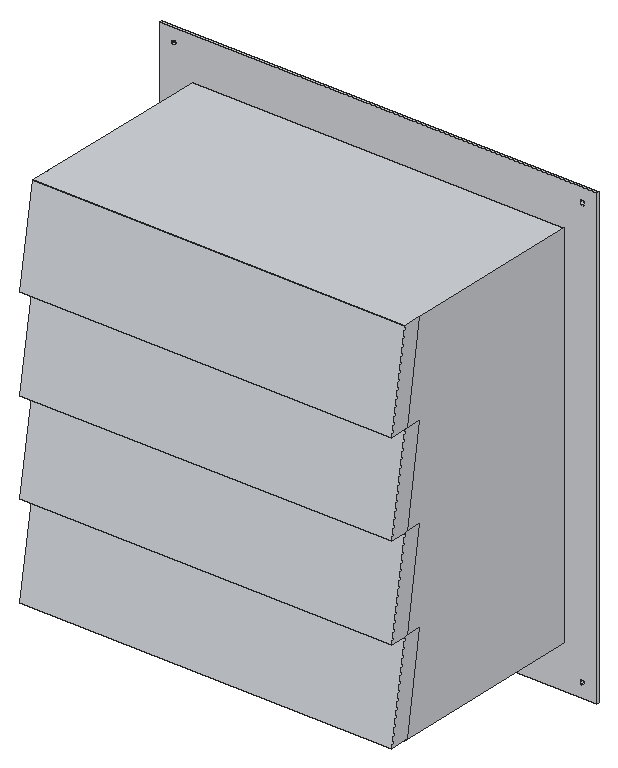
Revit family "НЕВАТОМ_Клапан KD-120-AxB-F1-VN-MN-24(220)-ML-04", category Арматура воздуховодов, Revit 2017
Family settings
  Размер круглого соединителя = Использовать диаметр
  Тип детали = Вставляется
  На основе рабочей плоскости = Нет
  Всегда вертикально = Да
  При загрузке вырезать с полостями = Нет
  Общий = Нет
Parameters (values of type "НЕВАТОМ_Клапан KD-120-AxB-F1-VN-MN-24(220)-ML-04")
  Одна ламель ( В/4) [instance] = B / 4  # 100 mm
  НЕВАТОМ_URL [instance] = "https://t.me/NEVATOM_Bim_bot"
  Выбор напряжения [instance] = if(U24, 1 mm, 0 mm)  # 0 mm
  Привод MN [instance] = no
  Клапан = "НЕВАТОМ_Клапан KD-120-AxB-F1-VN-MN-24(220)-ML-04"  # constant formula
  t фланца = 2.5 mm
  t корпуса = 220 mm - 2.5 mm  # 217.5 mm
  h прохода = 220 mm - 5 mm  # 215 mm
  U24 [instance] = no
  U220 [instance] = and(not(U24))  # yes
  B-3 [instance] = B - 3 mm  # 397 mm
  B+93 [instance] = B + 93 mm  # 493 mm
  B+63 [instance] = B + 63 mm  # 463 mm
  B [instance] = 400 mm
  ADSK_Этаж = ""
  ADSK_Ток = 3 A  # constant formula
  ADSK_Расход воздуха [instance] = 0.0 m³/h
  ADSK_Размер_Ширина [instance] = A  # 400 mm
  ADSK_Размер_Высота [instance] = B  # 400 mm
  ADSK_Примечание = ""
  ADSK_Предел огнестойкости = "120"  # constant formula
  ADSK_Потеря давления воздуха = 0.0 Pa
  ADSK_Полная мощность = 4.2 VA  # constant formula
  ADSK_Обозначение = ""
  ADSK_Номинальная мощность [instance] = ADSK_Полная мощность * ADSK_Коэффициент мощности  # 4.2 W
  ADSK_Напряжение [instance] = if(U24, 24 V, 220 V)  # 220 V
  ADSK_Наименование [instance] = "Клапан дымоудаления стеновой"  # constant formula
  ADSK_Масса [instance] = size_lookup(Клапан, "N", 0, A, B, Выбор напряжения)  # 9.8
  ADSK_Марка [instance] = size_lookup(Клапан, "", "нестандартартный размер", A, B, Выбор напряжения)  # "KD-120-400x400-F1-VN-MN-220-ML"
  ADSK_Коэффициент мощности = 1  # constant formula
  ADSK_Количество = 1  # constant formula
  ADSK_Код изделия = ""
  ADSK_Зона = ""
  ADSK_Завод-изготовитель = "НЕВАТОМ"  # constant formula
  ADSK_Единица измерения = "шт."  # constant formula
  A-30 [instance] = A - 30 mm  # 370 mm
  A+70 [instance] = A + 70 mm  # 470 mm
  A+40 [instance] = A + 40 mm  # 440 mm
  A [instance] = 400 mm
Reference planes
  plane 1 "По центру (Вперед/Назад)": y = 0
  plane 2: z = 0
  plane 3 "По центру (Влево/Вправо)": x = 0
  plane 4: x = -235
  plane 5: z = 246.5
  plane 6: z = -246.5
  plane 7: x = 235
  plane 8: x = 200
  plane 9: x = -200
  plane 10: z = 200
  plane 11: z = -200
  plane 12: y = -217.5
  plane 13: z = 200
  plane 14: z = -200
  plane 15: x = -200
  plane 16: x = 200
Forms (mm)
  Extrusion 1, solid, detail levels medium+fine
    sketch origin (0, 0, 0) x (1, 0, 0) y (0, 0, 1)
      loop
        line (235, 246.5) -> (-235, 246.5) -> (-235, -246.5) -> (235, -246.5) -> (235, 246.5)
    from 0 to 2.5 <- "t фланца"
  Extrusion 2, void
    sketch origin (0, 0, 0) x (1, 0, 0) y (0, 0, 1)
      loop
        circle (220, 231.5) r 2.469
      loop
        circle (-220, 231.5) r 2.548
      loop
        circle (220, -231.5) r 2.486
      loop
        circle (-220, -231.5) r 2.512
    from 0 to 250
  Extrusion 3, solid, detail levels medium+fine
    sketch origin (0, 0, 0) x (1, 0, 0) y (0, 0, 1)
      loop
        line (200, 200) -> (-200, 200) -> (-200, -200) -> (200, -200) -> (200, 200)
    from 2.5 to 217.5 <- "t корпуса"
  Extrusion 4, void
    sketch origin (0, 0, 0) x (1, 0, 0) y (0, 0, 1)
      loop
        line (185, 198.5) -> (-185, 198.5) -> (-185, -198.5) -> (185, -198.5) -> (185, 198.5)
    from 0 to 215 <- "h прохода"
Cuts and joins
  Extrusion 2, Extrusion 4 cuts Extrusion 1
  Extrusion 4 cuts Extrusion 3
Lines and regions (mm)
  reference lines
    curve 1: line (235, 0, 246.5) -> (-235, 0, 246.5)
    curve 2: line (235, 0, -246.5) -> (235, 0, 246.5)
    curve 3: line (-235, 0, -246.5) -> (235, 0, -246.5)
    curve 4: line (-235, 0, 246.5) -> (-235, 0, -246.5)
    curve 5: line (185, 0, 198.5) -> (-185, 0, 198.5)
    curve 6: line (185, 0, -198.5) -> (185, 0, 198.5)
    curve 7: line (-185, 0, -198.5) -> (185, 0, -198.5)
    curve 8: line (-185, 0, 198.5) -> (-185, 0, -198.5)
Dimensions and locks
  equal spacing: plane 4, plane 3 "По центру (Влево/Вправо)", plane 7
  "A+70": plane 4 to plane 7
  equal spacing: plane 6, level, plane 5
  "B+93": plane 6 to plane 5
  equal spacing: Extrusion 2 sketch curve, plane 3 "По центру (Влево/Вправо)", Extrusion 2 sketch curve  (x2)
  "A+40": Extrusion 2 sketch curve to Extrusion 2 sketch curve  (x2)
  equal spacing: Extrusion 2 sketch curve, level, Extrusion 2 sketch curve  (x2)
  "B+63": Extrusion 2 sketch curve to Extrusion 2 sketch curve  (x2)
  equal spacing: curve 8, plane 3 "По центру (Влево/Вправо)", curve 6
  "A-30": curve 8 to curve 6
  equal spacing: curve 7, level, curve 5
  "B-3": curve 7 to curve 5
  equal spacing: plane 9, plane 3 "По центру (Влево/Вправо)", plane 8
  "A": plane 9 to plane 8
  equal spacing: plane 11, level, plane 10
  "B": plane 11 to plane 10
  "B": plane 13 to plane 14
  equal spacing: plane 13, level, plane 14
  "A": plane 16 to plane 15
  equal spacing: plane 16, plane 3 "По центру (Влево/Вправо)", plane 15
  equal spacing: group 1, group 3, group 4, group 2  (x3)
  aligned and locked: level to plane 2
  aligned and locked: plane 7 to curve 2
  aligned and locked: plane 5 to curve 1
  aligned and locked: plane 4 to curve 4
  aligned and locked: plane 6 to curve 3
  aligned and locked: Extrusion 1 sketch curve to curve 1
  aligned and locked: Extrusion 1 sketch curve to curve 2
  aligned and locked: Extrusion 1 sketch curve to curve 3
  aligned and locked: Extrusion 1 sketch curve to curve 4
  aligned and locked: plane 10 to Extrusion 3 sketch curve
  aligned and locked: plane 9 to Extrusion 3 sketch curve
  aligned and locked: plane 8 to Extrusion 3 sketch curve
  aligned and locked: plane 11 to Extrusion 3 sketch curve
  aligned and locked: Extrusion 3 to cut or joined group of Extrusion 1, Extrusion 2, Extrusion 4
  aligned and locked: plane 12 to cut or joined group of Extrusion 3, Extrusion 4
  aligned and locked: cut or joined group of Extrusion 1, Extrusion 2, Extrusion 4 to nested 1
  aligned and locked: cut or joined group of Extrusion 3, Extrusion 4 to nested 2  (x2)
  aligned and locked: cut or joined group of Extrusion 3, Extrusion 4 to plane 14
  aligned and locked: nested 4 to plane 14
  aligned and locked: plane 15 to nested 6
  aligned and locked: plane 16 to nested 6
  aligned and locked: plane 13 to nested 5
Automatic sketch dimensions
  Extrusion 4 sketch curve to plane 4 = 50 mm
  plane 7 to Extrusion 4 sketch curve = 50 mm
  plane 6 to Extrusion 4 sketch curve = 48 mm
  Extrusion 4 sketch curve to plane 5 = 48 mm
  radius of Extrusion 2 sketch curve = 2.469 mm
  radius of Extrusion 2 sketch curve = 2.548 mm
  radius of Extrusion 2 sketch curve = 2.486 mm
  radius of Extrusion 2 sketch curve = 2.512 mm
Nested families
  nested 1: "НЕВАТОМ_Привод Tasa_Sasa" at (0, -117.685, 170.622) x (0, 1, 0) z (0, 0, 1), visible <- "Привод MN", type "Привод TASA/SASA", detail levels medium+fine
  nested 2: "НЕВАТОМ_Привод EM" at (-153.842, -67.5, -200), type "НЕВАТОМ_Привод EM", not visible
  nested 3: "НЕВАТОМ_УГО_Клапан KD" at (0, -108.75, 0), Ширина клапана <- "ADSK_Размер_Ширина", Толщина клапана <- "t корпуса", type "НЕВАТОМ_УГО_Клапан KD"
    with Ширина клапана 400 mm, Толщина клапана 217.5 mm
  nested 4: "ламель под углом KD" at (0, -227.522, -200.436), B <- "A", A/4 <- "Одна ламель ( В/4)", type "ламель под углом KD", detail levels medium+fine
    with B 400 mm, A/4 100 mm
  nested 5: "ламель под углом KD" at (0, -227.522, 99.564), B <- "A", A/4 <- "Одна ламель ( В/4)", type "ламель под углом KD", detail levels medium+fine
    with B 400 mm, A/4 100 mm
  nested 6: "ламель под углом KD" at (0, -227.522, -100.436), B <- "A", A/4 <- "Одна ламель ( В/4)", type "ламель под углом KD", detail levels medium+fine
    with B 400 mm, A/4 100 mm
  nested 7: "ламель под углом KD" at (0, -227.522, -0.436), B <- "A", A/4 <- "Одна ламель ( В/4)", type "ламель под углом KD", detail levels medium+fine
    with B 400 mm, A/4 100 mm
Connectors
  hvac at (0, -2.5, 0), driven by "B", driven by "A", driven by "ADSK_Расход воздуха"
    settings: on cut or joined group of Extrusion 1, Extrusion 2, Extrusion 4, index 1, duct flow 0.0 m³/h, flow factor 0, pres drop 0.0 Pa, loss coef 0, conn angle 0.00°, conn width 400 mm, conn height 400 mm, conn diameter 609.6 mm, duct sys type 29, conn prof type 1, flow config 0, flow direction 1, loss method 0, conn ref index 2, conn util no, is conn primary yes, conn desc ""
  hvac at (0, -217.5, 0), driven by "B", driven by "A", driven by "ADSK_Расход воздуха"
    settings: on cut or joined group of Extrusion 3, Extrusion 4, index 2, duct flow 0.0 m³/h, flow factor 0, pres drop 0.0 Pa, loss coef 0, conn angle 0.00°, conn width 400 mm, conn height 400 mm, conn diameter 609.6 mm, duct sys type 29, conn prof type 1, flow config 0, flow direction 2, loss method 4, conn ref index 1, conn util no, is conn primary no, conn desc ""
  electrical at (0, -110, 200), driven by "ADSK_Напряжение", driven by "ADSK_Полная мощность"
    settings: on cut or joined group of Extrusion 3, Extrusion 4, index 3, voltage 220 V, apparent load 0 VA, apparent load phase1 4.2 VA, apparent load phase2 0 VA, apparent load phase3 0 VA, power factor 1, load classification "Прочее", number of poles 1, system type 31, power factor state 1, is connector primary yes, connector utility no, sub classification motor no, connector description ""
Definition of nested family "НЕВАТОМ_Привод EM"
  Parameters (values of type "НЕВАТОМ_Привод EM")
    d = 57 mm
    b = 72 mm
    a = 62 mm
  Reference planes
    plane 1 "По центру (Вперед/Назад)": y = 0
    plane 2: z = 0
    plane 3 "По центру (Влево/Вправо)": x = 0
  Forms (mm)
    Extrusion 1, solid
      sketch origin (0, 0, 0) x (1, 0, 0) y (0, 1, 0)
        loop
          line (-31, 36) -> (-31, -36) -> (31, -36) -> (31, 36) -> (-31, 36)
      from 26.971 to 47
    Extrusion 2, solid
      sketch origin (43.842, 0, -10.015) x (0, -1, 0) y (0, 0, 1)
        loop
          circle (0, 82.565) r 28.5
      from 0 to 90
    Extrusion 3, solid
      sketch origin (0, 0, 0) x (1, 0, 0) y (0, 0, 1)
        loop
          line (31, 26.971) -> (28.513, 26.971) -> (28.513, 0) -> (31, 0) -> (31, 26.971)
        loop
          line (-28.513, 26.971) -> (-31, 26.971) -> (-31, 0) -> (-28.513, 0) -> (-28.513, 26.971)
      from -36 to 36
  Dimensions and locks
    equal spacing: Extrusion 1 sketch curve, plane 3 "По центру (Влево/Вправо)", Extrusion 1 sketch curve
    equal spacing: Extrusion 1 sketch curve, plane 1 "По центру (Вперед/Назад)", Extrusion 1 sketch curve
    "a": Extrusion 1 sketch curve to Extrusion 1 sketch curve
    "b": Extrusion 1 sketch curve to Extrusion 1 sketch curve
    Extrusion 1 to Extrusion 1 = 20.029 mm
    "d": diameter of Extrusion 2 sketch curve
    aligned and locked: level to plane 2
    aligned and locked: Extrusion 3 to Extrusion 1
    aligned and locked: Extrusion 1 to Extrusion 3
  Automatic sketch dimensions
    Extrusion 3 sketch curve to level = 0 mm  (x2)
    Extrusion 3 sketch curve to plane 3 "По центру (Влево/Вправо)" = 31 mm
    Extrusion 3 sketch curve to Extrusion 3 sketch curve = 2.487 mm  (x2)
    plane 3 "По центру (Влево/Вправо)" to Extrusion 3 sketch curve = 28.513 mm
    level to Extrusion 3 sketch curve = 26.971 mm  (x2)
    Extrusion 2 sketch curve to plane 1 "По центру (Вперед/Назад)" = 0 mm
    level to Extrusion 2 sketch curve = 72.55 mm
Definition of nested family "ламель под углом KD"
  Parameters (values of type "ламель под углом KD")
    B [instance] = 1500 mm
    A/4 [instance] = 1500 mm
  Reference planes
    plane 1 "По центру (Вперед/Назад)": y = 0
    plane 2: z = 0
    plane 3 "По центру (Влево/Вправо)": x = 0
    plane 4: z = 1500
    plane 5: x = -750
    plane 6: x = 750
  Forms (mm)
    Extrusion 1, solid
      sketch origin (0, -14.979, 0.436) x (0, -1, 0) y (0, 0, -1)
        loop
          line (-7.499, 0) -> (-27.501, 0) -> (-44.961, -1500) -> (-24.96, -1500) -> (-7.499, 0)
      from -750 to 750
  Lines and regions (mm)
    reference lines
      curve 1: line (0, 0, 0) -> (0, -17.46, 1500)
      curve 2: line (0, 0, 0) -> (0, 17.46, 1500)
  Dimensions and locks
    "A/4": plane 4 to level
    equal spacing: plane 6, plane 3 "По центру (Влево/Вправо)", plane 5
    "B": plane 6 to plane 5
    locked: Extrusion 1 to Extrusion 1 at 20
    aligned and locked: level to plane 2
    aligned and locked: plane 4 to curve 1
    aligned and locked: plane 1 "По центру (Вперед/Назад)" to curve 1
    aligned and locked: Extrusion 1 to plane 5
    aligned and locked: plane 6 to Extrusion 1
  Automatic sketch dimensions
    curve 2 to plane 4 = 0 mm
    curve 2 to level = 0 mm
    plane 1 "По центру (Вперед/Назад)" to curve 1 = 17.46 mm
    curve 2 to plane 1 "По центру (Вперед/Назад)" = 17.46 mm
    Extrusion 1 sketch curve to plane 4 = 0.436 mm
    Extrusion 1 sketch curve to level = 0.436 mm
    plane 1 "По центру (Вперед/Назад)" to Extrusion 1 sketch curve = 12.522 mm
    Extrusion 1 sketch curve to Extrusion 1 sketch curve = 20.001 mm
    plane 1 "По центру (Вперед/Назад)" to Extrusion 1 sketch curve = 29.982 mm
    Extrusion 1 sketch curve to plane 1 "По центру (Вперед/Назад)" = 7.48 mm
Definition of nested family "НЕВАТОМ_Привод Tasa_Sasa"
  Parameters (values of type "Привод TASA/SASA")
    ADSK_Этаж = ""
    ADSK_Предел огнестойкости = ""
    ADSK_Позиция = ""
    ADSK_Обозначение = ""
    ADSK_Наименование = "Привод TASA/SASA"  # constant formula
    ADSK_Марка = ""
    ADSK_Количество = 0
    ADSK_Код изделия = ""
    ADSK_Зона = ""
    ADSK_Единица измерения = ""
  Reference planes
    plane 1 "По центру (Вперед/Назад)": y = 0
    plane 2: z = 0
    plane 3 "По центру (Влево/Вправо)": x = 0
  Dimensions and locks
    aligned and locked: level to plane 2
Definition of nested family "НЕВАТОМ_УГО_Клапан KD"
  Parameters (values of type "НЕВАТОМ_УГО_Клапан KD")
    Ширина косой линии УГО = 150 mm
    Ширина клапана [instance] = 200 mm
    Толщина клапана [instance] = 120 mm
  Reference planes
    plane 1 "По центру (Вперед/Назад)": y = 0
    plane 2: z = 0
    plane 3 "По центру (Влево/Вправо)": x = 0
    plane 4: x = -100
    plane 5: x = 100
    plane 6: y = 60
    plane 7: y = -60
  Lines and regions (mm)
    symbolic lines, not visible
      curve 1: line (-77.5, 60, 0) -> (-77.5, -60, 0)
      curve 2: line (-22.5, 60, 0) -> (-22.5, -60, 0)
      curve 6: line (-50, 60, 0) -> (-50, -60, 0)
    model lines, not visible, detail levels coarse
      curve 3: line (-77.5, -60, 0) -> (-61.458, -24.999, 0)
      curve 4: circle (-50, 0, 0) r 27.5 normal (0, 0, 1)
      curve 5: line (-38.542, 24.999, 0) -> (-22.5, 60, 0)
    model lines, detail levels coarse+medium
      curve 7: line (-100, 60, 0) -> (100, 60, 0)
      curve 8: line (-100, -60, 0) -> (-100, 60, 0)
      curve 9: line (100, -60, 0) -> (-100, -60, 0)
      curve 10: line (100, 60, 0) -> (100, -60, 0)
  Dimensions and locks
    equal spacing: plane 7, plane 1 "По центру (Вперед/Назад)", plane 6
    "Толщина клапана": plane 7 to plane 6
    equal spacing: plane 4, plane 3 "По центру (Влево/Вправо)", plane 5
    "Ширина клапана": plane 4 to plane 5
    aligned and locked: level to plane 2
    aligned and locked: curve 7 to plane 6
    aligned and locked: plane 4 to curve 8
    aligned and locked: curve 9 to plane 7
    aligned and locked: curve 10 to plane 5
    aligned and locked: plane 1 "По центру (Вперед/Назад)" to nested 2
    aligned and locked: plane 3 "По центру (Влево/Вправо)" to nested 2
  Automatic sketch dimensions
    curve 3 to curve 4 = 27.5 mm
    curve 1 to curve 5 = 55 mm
    curve 3 to curve 4 = 60 mm
    curve 4 to curve 5 = 60 mm
    curve 3 to curve 4 = 11.458 mm
    curve 6 to curve 2 = 27.5 mm
    curve 4 to curve 5 = 11.458 mm
    curve 3 to curve 2 = 0 mm
    curve 6 to curve 2 = 0 mm  (x2)
    curve 3 to curve 4 = 24.999 mm
    curve 1 to curve 6 = 0 mm
  Nested families
    nested 1: "РОВЕН_ЛинияДляЗаливкиУГО" at (-50, -0.543, 0), type "РОВЕН_ЛинияДляЗаливкиУГО", not visible
      with l 156.205 mm
    nested 2: "РОВЕН_УгоКлапанДМУ2D" at (0, 0, 0), Толщина клапана <- "Толщина клапана", Ширина клапана <- "Ширина клапана", type "РОВЕН_УгоКлапанДМУ2D", detail levels coarse+medium
      with Ширина клапана 200 mm, Толщина клапана 120 mm
  Definition of nested family "РОВЕН_УгоКлапанДМУ2D"
    Parameters (values of type "РОВЕН_УгоКлапанДМУ2D")
      Ширина клапана [instance] = 250 mm
      Толщина клапана [instance] = 120 mm
      Отступ для УГО = 60 mm
      Материал = none
    Reference planes
      plane 1 "По центру (Вперед/Назад)": y = 0
      plane 2: z = 0
      plane 3 "По центру (Влево/Вправо)": x = 0
      plane 4: x = -125
      plane 5: x = 125
      plane 6: y = 60
      plane 7: y = -60
      plane 8: x = -65
      plane 9: x = 65
      plane 10: z = 1
    Forms (mm)
      Extrusion 1, solid, material <- "Материал"
        sketch origin (0, 0, 0) x (1, 0, 0) y (0, 1, 0)
          loop
            line (-125, 60) -> (-125, -60) -> (125, -60) -> (-125, 60)
        from 0 to 1
    Lines and regions (mm)
      symbolic lines, not visible
        curve 1: line (-77.5, 60, 0) -> (-77.5, -60, 0)
        curve 2: line (-22.5, 60, 0) -> (-22.5, -60, 0)
        curve 6: line (-50, 60, 0) -> (-50, -60, 0)
      model lines, not visible, detail levels coarse
        curve 3: line (-77.5, -60, 0) -> (-61.458, -24.999, 0)
        curve 4: circle (-50, 0, 0) r 27.5 normal (0, 0, 1)
        curve 5: line (-38.542, 24.999, 0) -> (-22.5, 60, 0)
      model lines, not visible, detail levels coarse+medium
        curve 7: line (-125, 60, 0) -> (125, 60, 0)
        curve 8: line (-125, -60, 0) -> (-125, 60, 0)
        curve 9: line (125, -60, 0) -> (-125, -60, 0)
        curve 10: line (125, 60, 0) -> (125, -60, 0)
    Dimensions and locks
      equal spacing: plane 7, plane 1 "По центру (Вперед/Назад)", plane 6
      "Толщина клапана": plane 7 to plane 6
      equal spacing: plane 4, plane 3 "По центру (Влево/Вправо)", plane 5
      "Ширина клапана": plane 4 to plane 5
      "Отступ для УГО": plane 4 to plane 8
      "Отступ для УГО": plane 9 to plane 5
      locked: plane 10 to plane 2 at 1
      aligned and locked: level to plane 2
      aligned and locked: curve 10 to plane 5
      aligned and locked: Extrusion 1 sketch curve to plane 4
      aligned and locked: plane 7 to Extrusion 1 sketch curve  (x2)
      aligned and locked: plane 6 to Extrusion 1 sketch curve
      aligned and locked: plane 5 to Extrusion 1 sketch curve
      aligned and locked: plane 10 to Extrusion 1
    Automatic sketch dimensions
      curve 3 to curve 4 = 27.5 mm
      curve 1 to curve 5 = 55 mm
      curve 3 to curve 4 = 60 mm
      curve 4 to curve 5 = 60 mm
      curve 3 to curve 4 = 11.458 mm
      curve 6 to curve 2 = 27.5 mm
      curve 4 to curve 5 = 11.458 mm
      curve 3 to curve 2 = 0 mm
      curve 6 to curve 2 = 0 mm  (x2)
      curve 3 to curve 4 = 24.999 mm
      curve 1 to curve 6 = 0 mm
      curve 7 to plane 4 = 0 mm
      curve 8 to plane 6 = 0 mm
      plane 7 to curve 9 = 0 mm
    Nested families
      nested 1: "РОВЕН_ЛинияДляЗаливкиУГО" at (-50, -0.543, 0), type "РОВЕН_ЛинияДляЗаливкиУГО", not visible
        with l 150 mm
    Definition of nested family "РОВЕН_ЛинияДляЗаливкиУГО"
      Parameters (values of type "РОВЕН_ЛинияДляЗаливкиУГО")
        l = 60 mm
      Reference planes
        plane 1 "По центру (Вперед/Назад)": y = 0
        plane 2: z = 0
        plane 3 "По центру (Влево/Вправо)": x = 0
        plane 4: y = 60
      Lines and regions (mm)
        model lines, detail levels coarse+medium
          curve 1: line (0, 0, 0) -> (0, 60, 0)
      Dimensions and locks
        "l": plane 1 "По центру (Вперед/Назад)" to plane 4
        aligned and locked: level to plane 2
        aligned and locked: plane 4 to curve 1
        aligned and locked: plane 1 "По центру (Вперед/Назад)" to curve 1
        aligned and locked: plane 3 "По центру (Влево/Вправо)" to curve 1
  Definition of nested family "РОВЕН_ЛинияДляЗаливкиУГО"
    Parameters (values of type "РОВЕН_ЛинияДляЗаливкиУГО")
      l = 60 mm
    Reference planes
      plane 1 "По центру (Вперед/Назад)": y = 0
      plane 2: z = 0
      plane 3 "По центру (Влево/Вправо)": x = 0
      plane 4: y = 60
    Lines and regions (mm)
      model lines, detail levels coarse+medium
        curve 1: line (0, 0, 0) -> (0, 60, 0)
    Dimensions and locks
      "l": plane 1 "По центру (Вперед/Назад)" to plane 4
      aligned and locked: level to plane 2
      aligned and locked: plane 4 to curve 1
      aligned and locked: plane 1 "По центру (Вперед/Назад)" to curve 1
      aligned and locked: plane 3 "По центру (Влево/Вправо)" to curve 1
